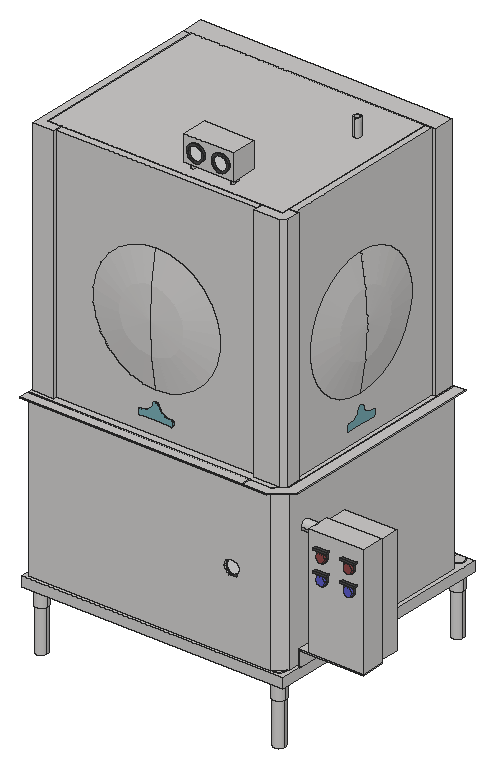
Revit family
Parameters
  Width = 3' - 0 3/4"
  Weight in Pounds = 0
  Watts = 10000 W
  Waste Water Discharge Temperature [instance] = -459.67 °F
  Volts = 208 V
  Ventilation Remarks [instance] = ""
  URL Cutsheet = ""
  URL = "www.stero.com"
  Status [instance] = ""
  Specification by User [instance] = ""
  Specification by Manufacturer = ""
  Serial Number [instance] = ""
  Seismic Rating [instance] = ""
  SMACNA No [instance] = ""
  Revision Code [instance] = ""
  Plumbing Remarks [instance] = ""
  Plumbing Connection Type [instance] = ""
  Phase = 3
  Number of Poles [instance] = 1
  NAFEM Spec ID Number [instance] = ""
  Model = "U-31AC"
  Masterspec = ""
  Manufacturer = "Stero"
  Item Number [instance] = "-"
  Installed By [instance] = ""
  Indirect Waste Size = 2"
  Indirect Waste Flow [instance] = 0 GPM
  Indirect Waste Connection Type [instance] = ""
  Indirect Waste Connection Height = 0' - 4 1/4"
  Hot Water Usage Rack = "0 Gal/Rack"
  Hot Water Usage = "70 GPH"
  Hot Water Temperature = 180 °F
  Hot Water Size = 3/4"
  Hot Water RI Height [instance] = 0' - 0"
  Hot Water Minimum Pressure = 20.00 psi
  Hot Water Maximum Pressure = 20.00 psi
  Hot Water Flow [instance] = 0 GPM
  Hot Water Consumption = 1.97 GPM
  Hot Water Connection Height = 5' - 11 1/2"
  HP = "3"
  Furnished By [instance] = ""
  Foodservice Equipment Identifier [instance] = yes
  FL Amps = 36.8 A
  Exhaust Volume [instance] = if(Exhaust Vent, 600 CFM, 0 CFM)  # 0 CFM
  Exhaust Vent Width = 0' - 7 7/8"
  Exhaust Vent Depth = 0' - 7 7/8"
  Exhaust Vent [instance] = no
  Exhaust Static Press = 0.00 in-wg
  Exhaust RI Height [instance] = 0' - 0"
  Electrical Remarks [instance] = ""
  Electric Connection Type [instance] = ""
  Elec Conn RI Height [instance] = 0' - 0"
  Elec Conn Connection Height = 2' - 0 3/4"
  Description = "Pot, Pan and Utensil Washer"
  Depth = 2' - 11"
  Cycle = 60 Hz
  Conn Conduit = yes
  Clearance Depth [instance] = 0' - 4 1/2"
  CSI MasterFormat = "11 48 13"
  Assembly Code = "E1090320"
  Apparent Power = if(Phase = 3, Volts * FL Amps * 1.73, Volts * FL Amps)  # 13242.1 VA
Reference planes (in)
  plane 1: z = 0
  plane 2 "Left of Top": x = 2.32772
  plane 3 "BACK": y = -48
  plane 4 "TOP": z = 100.5
  plane 5 "Right of Top": x = 39.07772
  plane 6 "FRONT": y = -83
  plane 7 "LEFT": x = 1.64022
  plane 8 "RIGHT": x = 39.76522
  plane 9 "Bottom of Machine": z = 8.5
  plane 10 "Table Height": z = 34
  plane 11 "Top of Machine": z = 69
  plane 12: z = 10
  plane 13 "Center": x = 20.70272
  plane 14 "Top of Opening": z = 61.5625
  plane 15: z = 6.25
  plane 16: x = 2.20272
  plane 17: x = 39.20272
  plane 18: x = 40.82772
  plane 19 "Front of Bottom": y = -82.5625
  plane 20: y = -65.5
  plane 21: y = -51
  plane 22 "Back of Top": y = -51.25
  plane 23 "Front of Top": y = -81.875
  plane 24: y = -80.375
  plane 25: y = -54.25
  plane 26: x = 37.57772
  plane 27: x = 38.57772
  plane 28 "Front of Panel": y = -79.25
  plane 29: y = -75.5
  plane 30: z = 69.75
  plane 31: z = 73.5
  plane 32: x = 22.32772
  plane 33: x = 29.57772
  plane 34: x = 9.82772
  plane 35: y = -62.3125
  plane 36: y = -54.4375
  plane 37: x = 17.70272
  plane 38: y = -43.5
  plane 39 "Front of Lower Panel": y = -79.9375
  plane 40: y = -76.625
  plane 41: z = 12.375
  plane 42: z = 28.625
  plane 43 "Right of Lower Panel": x = 49.07772
  plane 44 "Left of Lower Panel": x = 41.07772
  plane 45 "Back of Lower Panel": y = -73.5625
  plane 46: z = 28.375
  plane 47: z = 12.625
  plane 48: x = 48.82772
  plane 49: x = 41.32772
  plane 50: z = 21.5
  plane 51: x = 31.95272
  plane 52: z = 4.25
  plane 53: z = 71.5
  plane 54: y = -61
  plane 55: x = 33.07772
  plane 56: z = 24.75
  plane 57: x = 42.07772
Forms (in)
  Extrusion 1, solid, material "QF_Finishes_Stainless Steel"
    sketch origin (0, 0, 8.5) x (0, 1, 0) y (-1, 0, 0)
      loop
        line (-48, -1.64022) -> (-83, -1.64022) -> (-83, -39.76522) -> (-48, -39.76522) -> (-48, -1.64022)
    from 0 to 1.5
  Extrusion 2, solid, material "QF_Finishes_Stainless Steel"
    sketch origin (0, 0, 28.5) x (0, 1, 0) y (-1, 0, 0)
      loop
        line (-51, -2.20272) -> (-82.5625, -2.20272) -> (-82.5625, -37.70272) -> (-81.0625, -39.20272) -> (-51, -39.20272) -> (-51, -2.20272)
    from 5.5 to -18.5
  Extrusion 3, solid, material "QF_Finishes_Stainless Steel"
    sketch origin (0, 0, 34) x (0, 1, 0) y (-1, 0, 0)
      loop
        line (-51, -39.20272) -> (-81.0625, -39.20272) -> (-82.5625, -37.70272) -> (-82.5625, -2.20272) -> (-84.0625, -2.20272) -> (-84.0625, -38.32404) -> (-81.55882, -40.82772) -> (-51, -40.82772) -> (-51, -39.20272)
    from 0 to -0.125
  Extrusion 4, solid, material "QF_Finishes_Stainless Steel"
    sketch origin (0, 0, 69) x (0, 1, 0) y (-1, 0, 0)
      loop
        line (-54.25, -3.32772) -> (-80.375, -3.32772) -> (-80.375, -37.57772) -> (-54.25, -37.57772) -> (-54.25, -3.32772)
    from 0 to -7.4375
  Extrusion 5, solid, material "QF_Finishes_Stainless Steel"
    sketch origin (0, 0, 69) x (0, 1, 0) y (-1, 0, 0)
      loop
        line (-51.25, -2.32772) -> (-54.25, -2.32772) -> (-54.25, -39.07772) -> (-51.25, -39.07772) -> (-51.25, -2.32772)
    from 0 to -35
  Extrusion 6, solid, material "QF_Finishes_Stainless Steel"
    sketch origin (-31.85978, -79.82772, 69) x (-1, 0, 0) y (0, -1, 0)
      loop
        line (-69.4375, -0.57772) -> (-70.4375, -0.57772) -> (-70.4375, -25.57772) -> (-69.4375, -25.57772) -> (-69.4375, -0.57772)
    from 0 to -35
  Extrusion 7, solid, material "QF_Finishes_Stainless Steel"
    sketch origin (0, 0, 0) x (1, 0, 0) y (0, 1, 0)
      loop
        circle (3.32772, -49) r 0.8125
    from 0 to 6.25
  Extrusion 8, solid, material "QF_Finishes_Stainless Steel"
    sketch origin (0, 0, 0) x (1, 0, 0) y (0, 1, 0)
      loop
        circle (3.32772, -49) r 0.9375
    from 6.25 to 8.5
  Extrusion 9, solid, material "QF_Finishes_Stainless Steel"
    sketch origin (48.65544, 0, 0) x (-1, 0, 0) y (0, -1, 0)
      loop
        circle (10.57772, 49) r 0.8125
    from 0 to 6.25
  Extrusion 10, solid, material "QF_Finishes_Stainless Steel"
    sketch origin (48.65544, 0, 0) x (-1, 0, 0) y (0, -1, 0)
      loop
        circle (10.57772, 49) r 0.9375
    from 6.25 to 10
  Extrusion 11, solid, material "QF_Finishes_Stainless Steel"
    sketch origin (0, -121, 0) x (1, 0, 0) y (0, 1, 0)
      loop
        circle (3.32772, 39.4375) r 0.8125
    from 0 to 6.25
  Extrusion 12, solid, material "QF_Finishes_Stainless Steel"
    sketch origin (0, -121, 0) x (1, 0, 0) y (0, 1, 0)
      loop
        circle (3.32772, 39.4375) r 0.9375
    from 6.25 to 10
  Extrusion 13, solid, material "QF_Finishes_Stainless Steel"
    sketch origin (48.65544, -121, 0) x (-1, 0, 0) y (0, -1, 0)
      loop
        circle (10.57772, -39.4375) r 0.8125
    from 0 to 6.25
  Extrusion 14, solid, material "QF_Finishes_Stainless Steel"
    sketch origin (48.65544, -121, 0) x (-1, 0, 0) y (0, -1, 0)
      loop
        circle (10.57772, -39.4375) r 0.9375
    from 6.25 to 10
  Extrusion 15, solid, material "QF_Finishes_Stainless Steel"
    sketch origin (0, -17.25, 69) x (0, 1, 0) y (-1, 0, 0)
      loop
        line (-63.125, -3.32772) -> (-37, -3.32772) -> (-37, -2.32772) -> (-64.625, -2.32772) -> (-64.625, -5.32772) -> (-63.125, -5.32772) -> (-63.125, -3.32772)
    from 0 to -35
  Extrusion 16, solid, material "QF_Finishes_Clearance", detail levels coarse
    sketch origin (-31.85978, -79.82772, 100.5) x (-1, 0, 0) y (0, -1, 0)
      loop
        line (-69.4375, -0.57772) -> (-70.4375, -0.57772) -> (-70.4375, -25.57772) -> (-69.4375, -25.57772) -> (-69.4375, -0.57772)
    from 0 to -31.5
  Extrusion 17, solid, material "QF_Finishes_Stainless Steel"
    sketch origin (5.3125, -79.25, 0) x (1, 0, 0) y (0, 0, 1)
      loop
        line (17.01522, 73.5) -> (17.01522, 69.75) -> (24.26522, 69.75) -> (24.26522, 73.5) -> (17.01522, 73.5)
    from 0 to -3.75
  Extrusion 18, solid, material "QF_Finishes_Stainless Steel"
    sketch origin (5.3125, 1.875, 69) x (0, 1, 0) y (-1, 0, 0)
      loop
        circle (-79.625, -17.76522) r 0.25
      loop
        circle (-79.625, -23.51522) r 0.25
      loop
        circle (-80.375, -17.76522) r 0.25
      loop
        circle (-80.375, -23.51522) r 0.25
    from 0 to 0.75
  Extrusion 19, solid, material "QF_Finishes_Black"
    sketch origin (5.3125, -79.25, 0) x (1, 0, 0) y (0, 0, 1)
      loop
        circle (18.82183, 71.60797) r 1.25
      loop
        circle (18.82183, 71.60797) r 1
    from 0 to 0.25
  Extrusion 20, solid, material "QF_Finishes_White"
    sketch origin (5.3125, -79.25, 0) x (1, 0, 0) y (0, 0, 1)
      loop
        circle (18.82183, 71.60797) r 1
    from 0 to 0.0625
  Extrusion 21, solid, material "QF_Finishes_Black"
    sketch origin (8.9375, -79.25, 0) x (1, 0, 0) y (0, 0, 1)
      loop
        circle (18.82183, 71.60797) r 1.25
      loop
        circle (18.82183, 71.60797) r 1
    from 0 to 0.25
  Extrusion 22, solid, material "QF_Finishes_White"
    sketch origin (8.9375, -79.25, 0) x (1, 0, 0) y (0, 0, 1)
      loop
        circle (18.82183, 71.60797) r 1
    from 0 to 0.0625
  Extrusion 23, solid, material "QF_Finishes_Stainless Steel", visible <- "Exhaust Vent"
    sketch origin (0, 0, 69) x (0, 1, 0) y (-1, 0, 0)
      loop
        line (-54.4375, -9.82772) -> (-62.3125, -9.82772) -> (-62.3125, -17.70272) -> (-54.4375, -17.70272) -> (-54.4375, -9.82772)
      loop
        line (-62.1875, -9.95272) -> (-62.1875, -17.57772) -> (-54.5625, -17.57772) -> (-54.5625, -9.95272) -> (-62.1875, -9.95272)
    from 0 to 8
  Extrusion 24, solid, material "QF_Finishes_Clearance", detail levels coarse
    sketch origin (0, 0, 0) x (1, 0, 0) y (0, 1, 0)
      loop
        line (1.64022, -43.5) -> (1.64022, -48) -> (40.82772, -48) -> (40.82772, -43.5) -> (1.64022, -43.5)
    from 0 to 77
  Extrusion 25, solid, material "QF_Finishes_Stainless Steel"
    sketch origin (4.125, -79.9375, 0) x (-1, 0, 0) y (0, 0, 1)
      loop
        line (-35.64022, 10) -> (-35.51522, 10) -> (-35.51522, 12.375) -> (-44.95272, 12.375) -> (-44.95272, 12.25) -> (-35.64022, 12.25) -> (-35.64022, 10)
    from 0 to 3.3125
  Extrusion 26, solid, material "QF_Finishes_Stainless Steel"
    sketch origin (4.125, -79.9375, 0) x (-1, 0, 0) y (0, 0, 1)
      loop
        line (-36.95272, 28.625) -> (-44.95272, 28.625) -> (-44.95272, 12.375) -> (-36.95272, 12.375) -> (-36.95272, 28.625)
    from 0 to 3.3125
  Extrusion 27, solid, material "QF_Finishes_Black"
    sketch origin (18.25, -79.9375, -35.75) x (-1, 0, 0) y (0, 0, 1)
      loop
        line (-27.82772, 62.5) -> (-29.82772, 62.5) -> (-29.82772, 62.25) -> (-27.82772, 62.25) -> (-27.82772, 62.5)
    from 0 to -0.5
  Extrusion 28, solid, material "QF_Finishes_LED Red"
    sketch origin (23.25, -79.9375, -35.75) x (-1, 0, 0) y (0, 0, 1)
      loop
        circle (-19.82772, 61.375) r 0.625
    from -0.125 to -0.375
  Extrusion 29, solid, material "QF_Finishes_LED Red"
    sketch origin (27.25, -79.9375, -35.75) x (-1, 0, 0) y (0, 0, 1)
      loop
        circle (-19.82772, 61.375) r 0.625
    from -0.125 to -0.375
  Extrusion 30, solid, material "QF_Finishes_Black"
    sketch origin (18.25, -79.9375, -35.75) x (-1, 0, 0) y (0, 0, 1)
      loop
        arc (-29.57772, 61.375) -> (-28.82772, 60.625) -> (-28.07772, 61.375) r 0.75
        line (-28.07772, 61.375) -> (-28.07772, 62.25) -> (-29.57772, 62.25) -> (-29.57772, 61.375)
    from 0 to -0.125
  Extrusion 31, solid, material "QF_Finishes_Black"
    sketch origin (14.25, -79.9375, -35.75) x (-1, 0, 0) y (0, 0, 1)
      loop
        line (-27.82772, 62.5) -> (-29.82772, 62.5) -> (-29.82772, 62.25) -> (-27.82772, 62.25) -> (-27.82772, 62.5)
    from 0 to -0.5
  Extrusion 32, solid, material "QF_Finishes_Black"
    sketch origin (14.25, -79.9375, -35.75) x (-1, 0, 0) y (0, 0, 1)
      loop
        arc (-29.57772, 61.375) -> (-28.82772, 60.625) -> (-28.07772, 61.375) r 0.75
        line (-28.07772, 61.375) -> (-28.07772, 62.25) -> (-29.57772, 62.25) -> (-29.57772, 61.375)
    from 0 to -0.125
  Extrusion 33, solid, material "QF_Finishes_Black"
    sketch origin (18.25, -79.9375, -38.75) x (-1, 0, 0) y (0, 0, 1)
      loop
        line (-27.82772, 62.5) -> (-29.82772, 62.5) -> (-29.82772, 62.25) -> (-27.82772, 62.25) -> (-27.82772, 62.5)
    from 0 to -0.5
  Extrusion 34, solid, material "QF_Finishes_Navy Blue"
    sketch origin (23.25, -79.9375, -38.75) x (-1, 0, 0) y (0, 0, 1)
      loop
        circle (-19.82772, 61.375) r 0.625
    from -0.125 to -0.375
  Extrusion 35, solid, material "QF_Finishes_Navy Blue"
    sketch origin (27.25, -79.9375, -38.75) x (-1, 0, 0) y (0, 0, 1)
      loop
        circle (-19.82772, 61.375) r 0.625
    from -0.125 to -0.375
  Extrusion 36, solid, material "QF_Finishes_Black"
    sketch origin (18.25, -79.9375, -38.75) x (-1, 0, 0) y (0, 0, 1)
      loop
        arc (-29.57772, 61.375) -> (-28.82772, 60.625) -> (-28.07772, 61.375) r 0.75
        line (-28.07772, 61.375) -> (-28.07772, 62.25) -> (-29.57772, 62.25) -> (-29.57772, 61.375)
    from 0 to -0.125
  Extrusion 37, solid, material "QF_Finishes_Black"
    sketch origin (14.25, -79.9375, -38.75) x (-1, 0, 0) y (0, 0, 1)
      loop
        line (-27.82772, 62.5) -> (-29.82772, 62.5) -> (-29.82772, 62.25) -> (-27.82772, 62.25) -> (-27.82772, 62.5)
    from 0 to -0.5
  Extrusion 38, solid, material "QF_Finishes_Black"
    sketch origin (14.25, -79.9375, -38.75) x (-1, 0, 0) y (0, 0, 1)
      loop
        arc (-29.57772, 61.375) -> (-28.82772, 60.625) -> (-28.07772, 61.375) r 0.75
        line (-28.07772, 61.375) -> (-28.07772, 62.25) -> (-29.57772, 62.25) -> (-29.57772, 61.375)
    from 0 to -0.125
  Extrusion 39, solid, material "QF_Finishes_Stainless Steel"
    sketch origin (4.125, -79.9375, 0) x (-1, 0, 0) y (0, 0, 1)
      loop
        line (-37.20272, 28.375) -> (-44.70272, 28.375) -> (-44.70272, 12.625) -> (-37.20272, 12.625) -> (-37.20272, 28.375)
    from 3.3125 to 6.375
  Extrusion 40, solid, material "QF_Finishes_Stainless Steel"
    sketch origin (39.76522, 0, 0) x (0, -1, 0) y (0, 0, 1)
      loop
        circle (78.28125, 27.875) r 0.75
    from 0.5625 to -1.3125
  Extrusion 41, void
    sketch origin (0, -82.5625, 0) x (1, 0, 0) y (0, 0, 1)
      loop
        circle (31.95272, 21.5) r 1.125
    from 0 to -1
  Extrusion 42, solid, material "QF_Finishes_Black"
    sketch origin (0, -82.5625, 0) x (1, 0, 0) y (0, 0, 1)
      loop
        circle (31.95272, 21.5) r 1.125
      loop
        circle (31.95272, 21.5) r 0.9375
    from -0.25 to -0.5
  Extrusion 43, solid, material "QF_Finishes_White"
    sketch origin (0, -82.5625, 0) x (1, 0, 0) y (0, 0, 1)
      loop
        circle (31.95272, 21.5) r 0.9375
    from -0.25 to -0.5
  Extrusion 44, solid, material "QF_Finishes_Stainless Steel"
    sketch origin (0, 0, 0) x (1, 0, 0) y (0, 1, 0)
      loop
        circle (20.70272, -65.5) r 1
      loop
        circle (20.70272, -65.5) r 1.125
    from 4.25 to 8.5
  Extrusion 45, solid, material "QF_Finishes_Stainless Steel"
    sketch origin (0, 0, 69) x (0, 1, 0) y (-1, 0, 0)
      loop
        circle (-61, -33.07772) r 0.375
      loop
        circle (-61, -33.07772) r 0.5
    from 0 to 2.5
  Extrusion 46, solid, material "QF_Finishes_Stainless Steel"
    sketch origin (0, -73.5625, 0) x (-1, 0, 0) y (0, 0, 1)
      loop
        circle (-42.07772, 24.75) r 0.25
    from 0 to 0.0625
  Revolve 47, solid, material "QF_Finishes_Stainless Steel"
    sketch origin (-28.23478, -67.3125, -4.22611) x (-1, 0, 0) y (0, 0, 1)
      loop
        line (-66.8125, 53.5625) -> (-66.8125, 62.89889)
        arc (-66.8125, 62.89889) -> (-67.57581, 58.2589) -> (-67.8125, 53.5625) r 41.7501
        line (-67.8125, 53.5625) -> (-66.8125, 53.5625)
      axis (-66.8125, 53.5625) -> (-67.8125, 53.5625)
    angle from 0 to 360
  Extrusion 48, solid, material "QF_Finishes_Light Blue"
    sketch origin (39.07772, -81.63776, 5.5) x (0, -1, 0) y (0, 0, 1)
      loop
        line (-13.71645, 30.53132) -> (-12.08461, 30.44809)
        arc (-12.08461, 30.44809) -> (-11.90443, 30.52273) -> (-11.82979, 30.70292) r 0.25483
        line (-11.82979, 30.70292) -> (-11.82979, 31.18785)
        arc (-11.82979, 31.18785) -> (-11.90343, 31.36562) -> (-12.08121, 31.43926) r 0.25142
        arc (-12.08121, 31.43926) -> (-13.22593, 31.6553) -> (-13.90311, 32.60319) r 1.56264
        arc (-13.90311, 32.60319) -> (-14.31726, 32.93713) -> (-14.74741, 32.62407) r 0.43733
        arc (-14.74741, 32.62407) -> (-15.42049, 31.66111) -> (-16.57423, 31.43926) r 1.56264
        arc (-16.57423, 31.43926) -> (-16.75201, 31.36562) -> (-16.82565, 31.18785) r 0.25142
        line (-16.82565, 31.18785) -> (-16.82565, 30.70292)
        arc (-16.82565, 30.70292) -> (-16.75101, 30.52273) -> (-16.57082, 30.44809) r 0.25483
        line (-16.57082, 30.44809) -> (-14.93898, 30.53132)
        arc (-14.93898, 30.53132) -> (-14.32772, 30.54468) -> (-13.71645, 30.53132) r 13.99777
    from 0.5 to 0.4375
  Extrusion 49, solid, material "QF_Finishes_Clearance", detail levels coarse
    sketch origin (5.875, -10.9375, 100.5) x (0, 1, 0) y (-1, 0, 0)
      loop
        line (-69.4375, 0.54728) -> (-70.4375, 0.54728) -> (-70.4375, -28.70272) -> (-69.4375, -28.70272) -> (-69.4375, 0.54728)
    from 0 to -31.5
  Revolve 50, solid, material "QF_Finishes_Stainless Steel"
    sketch origin (19.95272, -14.5625, -4.22611) x (0, 1, 0) y (0, 0, 1)
      loop
        line (-66.8125, 53.5625) -> (-66.8125, 62.89889)
        arc (-66.8125, 62.89889) -> (-67.57581, 58.2589) -> (-67.8125, 53.5625) r 41.7501
        line (-67.8125, 53.5625) -> (-66.8125, 53.5625)
      axis (-66.8125, 53.5625) -> (-67.8125, 53.5625)
    angle from 0 to 360
  Extrusion 51, solid, material "QF_Finishes_Light Blue"
    sketch origin (5.62746, -81.875, 5.5) x (-1, 0, 0) y (0, 0, 1)
      loop
        line (-13.71645, 30.53132) -> (-12.08461, 30.44809)
        arc (-12.08461, 30.44809) -> (-11.90443, 30.52273) -> (-11.82979, 30.70292) r 0.25483
        line (-11.82979, 30.70292) -> (-11.82979, 31.18785)
        arc (-11.82979, 31.18785) -> (-11.90343, 31.36562) -> (-12.08121, 31.43926) r 0.25142
        arc (-12.08121, 31.43926) -> (-13.22593, 31.6553) -> (-13.90311, 32.60319) r 1.56264
        arc (-13.90311, 32.60319) -> (-14.31726, 32.93713) -> (-14.74741, 32.62407) r 0.43733
        arc (-14.74741, 32.62407) -> (-15.42049, 31.66111) -> (-16.57423, 31.43926) r 1.56264
        arc (-16.57423, 31.43926) -> (-16.75201, 31.36562) -> (-16.82565, 31.18785) r 0.25142
        line (-16.82565, 31.18785) -> (-16.82565, 30.70292)
        arc (-16.82565, 30.70292) -> (-16.75101, 30.52273) -> (-16.57082, 30.44809) r 0.25483
        line (-16.57082, 30.44809) -> (-14.93898, 30.53132)
        arc (-14.93898, 30.53132) -> (-14.32772, 30.54468) -> (-13.71645, 30.53132) r 13.99777
    from 0.5 to 0.4375
  Extrusion 52, solid, material "QF_Finishes_Stainless Steel"
    sketch origin (4.75, -10.9375, 69) x (0, 1, 0) y (-1, 0, 0)
      loop
        line (-69.4375, -0.57772) -> (-70.4375, -0.57772) -> (-70.4375, -29.82772) -> (-69.4375, -29.82772) -> (-69.4375, -0.57772)
    from 0 to -35
  Extrusion 53, solid, material "QF_Finishes_Stainless Steel"
    sketch origin (32.25, -17.25, 69) x (0, 1, 0) y (-1, 0, 0)
      loop
        line (-63.125, -2.32772) -> (-64.625, -2.32772) -> (-64.625, -6.14022) -> (-63.9375, -6.82772) -> (-62, -6.82772) -> (-62, -5.32772) -> (-63.125, -5.32772) -> (-63.125, -2.32772)
    from 0 to -35
  Extrusion 54, solid, material "QF_Finishes_Stainless Steel"
    sketch origin (-45.67228, -84.76522, 34) x (-1, 0, 0) y (0, -1, 0)
      loop
        line (-47.875, -2.20272) -> (-47.875, -0.70272) -> (-80.25, -0.70272) -> (-80.25, -2.20272) -> (-47.875, -2.20272)
    from 0 to -0.125
Cuts and joins
  Extrusion 41 cuts Extrusion 2
Lines and regions (in)
  symbolic lines
    curve 1: line (1.64022, -51, 69) -> (39.76522, -51, 69)
    curve 2: line (1.64022, -83, 69) -> (1.64022, -51, 69)
    curve 3: line (39.76522, -83, 69) -> (1.64022, -83, 69)
    curve 4: line (39.76522, -51, 69) -> (39.76522, -83, 69)
    curve 5: line (41.07772, -76.625, 69) -> (49.07772, -76.625, 69)
    curve 6: line (41.07772, -79.9375, 69) -> (41.07772, -76.625, 69)
    curve 7: line (49.07772, -79.9375, 69) -> (41.07772, -79.9375, 69)
    curve 8: line (49.07772, -76.625, 69) -> (49.07772, -79.9375, 69)
    curve 9: line (22.32772, -75.5, 69) -> (29.57772, -75.5, 69)
    curve 10: line (22.32772, -79.25, 69) -> (22.32772, -75.5, 69)
    curve 11: line (29.57772, -79.25, 69) -> (22.32772, -79.25, 69)
    curve 12: line (29.57772, -75.5, 69) -> (29.57772, -79.25, 69)
    curve 13: line (17.70272, -62.3125, 69) -> (9.82772, -62.3125, 69)
    curve 14: line (17.70272, -54.4375, 69) -> (17.70272, -62.3125, 69)
    curve 15: line (9.82772, -54.4375, 69) -> (17.70272, -54.4375, 69)
    curve 16: line (9.82772, -62.3125, 69) -> (9.82772, -54.4375, 69)
    curve 17: line (41.32772, -76.625, 69) -> (41.32772, -73.5625, 69)
    curve 18: line (41.32772, -73.5625, 69) -> (48.82772, -73.5625, 69)
    curve 19: line (48.82772, -73.5625, 69) -> (48.82772, -76.625, 69)
    curve 20: line (39.76522, -81.0625, 69) -> (40.82772, -81.0625, 69)
    curve 21: line (40.82772, -81.0625, 69) -> (40.82772, -51, 69)
    curve 22: line (40.82772, -51, 69) -> (39.76522, -51, 69)
    curve 23: line (41.07772, -77.09375, 69) -> (40.82772, -77.09375, 69)
    curve 24: line (41.07772, -80.09375, 69) -> (40.82772, -80.09375, 69)
    curve 25: line (39.76522, -51, 69) -> (39.76522, -48, 69)
    curve 26: line (39.76522, -48, 69) -> (1.64022, -48, 69)
    curve 27: line (1.64022, -48, 69) -> (1.64022, -51, 69)
    curve 31: line (40.82772, -81.0625, 69) -> (40.82772, -81.55882, 69)
    curve 32: line (40.82772, -81.55882, 69) -> (38.32404, -84.0625, 69)
    curve 33: line (38.32404, -84.0625, 69) -> (2.20272, -84.0625, 69)
    curve 34: line (2.20272, -84.0625, 69) -> (2.20272, -83, 69)
  symbolic lines, style "QF_Clearances", detail levels coarse
    curve 28: line (1.64022, -48, 69) -> (1.64022, -43.5, 69)
    curve 29: line (1.64022, -43.5, 69) -> (40.82772, -43.5, 69)
    curve 30: line (40.82772, -43.5, 69) -> (40.82772, -48, 69)
Dimensions and locks (in)
  "Width": plane 2 "Left of Top" to plane 5 "Right of Top"
  "Depth": plane 6 "FRONT" to plane 3 "BACK"
  locked: plane 9 "Bottom of Machine" to level at 8.5
  locked: plane 10 "Table Height" to level at 34
  plane 11 "Top of Machine" to level = 5' - 9"
  plane 4 "TOP" to level = 8' - 4 1/2"
  plane 12 to plane 9 "Bottom of Machine" = 0' - 1 1/2"
  equal spacing: plane 2 "Left of Top", plane 13 "Center", plane 5 "Right of Top"
  locked: plane 11 "Top of Machine" to plane 14 "Top of Opening" at 7.4375
  plane 15 to level = 0' - 6 1/4"
  plane 7 "LEFT" to plane 2 "Left of Top" = 0' - 0 11/16"
  plane 5 "Right of Top" to plane 8 "RIGHT" = 0' - 0 11/16"
  locked: plane 16 to plane 2 "Left of Top" at 0.125
  locked: plane 5 "Right of Top" to plane 17 at 0.125
  locked: plane 5 "Right of Top" to plane 18 at 1.75
  equal spacing: plane 6 "FRONT", plane 20, plane 3 "BACK"
  locked: plane 6 "FRONT" to plane 19 "Front of Bottom" at 0.4375
  plane 3 "BACK" to plane 21 = 0' - 3"
  plane 7 "LEFT" to plane 8 "RIGHT" = 3' - 2 1/8"
  locked: plane 21 to plane 22 "Back of Top" at 0.25
  plane 19 "Front of Bottom" to plane 23 "Front of Top" = 0' - 0 11/16"
  locked: plane 22 "Back of Top" to plane 25 at 3
  locked: plane 23 "Front of Top" to plane 24 at 1.5
  plane 26 to plane 5 "Right of Top" = 0' - 1 1/2"
  locked: plane 26 to plane 27 at 1
  locked: plane 28 "Front of Panel" to plane 29 at 3.75
  locked: plane 30 to plane 11 "Top of Machine" at 0.75
  locked: plane 31 to plane 30 at 3.75
  locked: plane 32 to plane 33 at 7.25
  locked: plane 35 to plane 36 at 7.875
  locked: plane 34 to plane 37 at 7.875
  "Clearance Depth": plane 38 to plane 3 "BACK"
  plane 39 "Front of Lower Panel" to plane 6 "FRONT" = 0' - 3 1/16"
  locked: plane 40 to plane 39 "Front of Lower Panel" at 3.3125
  locked: plane 41 to plane 12 at 2.375
  locked: plane 42 to plane 41 at 16.25
  locked: plane 8 "RIGHT" to plane 44 "Left of Lower Panel" at 1.3125
  locked: plane 44 "Left of Lower Panel" to plane 43 "Right of Lower Panel" at 8
  locked: plane 45 "Back of Lower Panel" to plane 40 at 3.0625
  locked: plane 42 to plane 46 at 0.25
  locked: plane 47 to plane 41 at 0.25
  locked: plane 44 "Left of Lower Panel" to plane 49 at 0.25
  locked: plane 48 to plane 43 "Right of Lower Panel" at 0.25
  locked: plane 39 "Front of Lower Panel" to Extrusion 40 sketch curve at 1.65625
  locked: plane 42 to Extrusion 40 sketch curve at 0.75
  locked: plane 50 to level at 21.5
  locked: plane 51 to plane 8 "RIGHT" at 7.8125
  locked: plane 52 to level at 4.25
  plane 53 to plane 11 "Top of Machine" = 0' - 2 1/2"
  locked: plane 56 to level at 24.75
  locked: plane 5 "Right of Top" to plane 57 at 3
  locked: plane 2 "Left of Top" to plane 34 at 7.5
  locked: plane 2 "Left of Top" to plane 32 at 20
  locked: plane 6 "FRONT" to plane 28 "Front of Panel" at 3.75
  locked: plane 21 to plane 54 at 10
  locked: plane 55 to plane 5 "Right of Top" at 6
  aligned and locked: level to plane 1
  aligned and locked: Extrusion 1 to plane 9 "Bottom of Machine"
  aligned and locked: plane 12 to Extrusion 1
  aligned and locked: Extrusion 2 to plane 12
  aligned and locked: plane 2 "Left of Top" to Extrusion 5 sketch curve
  aligned and locked: Extrusion 5 sketch curve to plane 5 "Right of Top"
  aligned and locked: Extrusion 5 to plane 10 "Table Height"
  aligned: Extrusion 4 to plane 14 "Top of Opening"
  aligned and locked: plane 6 "FRONT" to Extrusion 1 sketch curve
  aligned and locked: plane 15 to Extrusion 7
  aligned and locked: Extrusion 8 to plane 15
  aligned and locked: plane 9 "Bottom of Machine" to Extrusion 8
  aligned and locked: plane 7 "LEFT" to Extrusion 1 sketch curve
  aligned and locked: plane 8 "RIGHT" to Extrusion 1 sketch curve
  aligned and locked: Extrusion 10 to plane 15
  aligned and locked: plane 15 to Extrusion 9
  aligned and locked: Extrusion 12 to plane 15
  aligned and locked: plane 15 to Extrusion 11
  aligned and locked: plane 15 to Extrusion 13
  aligned and locked: Extrusion 14 to plane 15
  aligned and locked: plane 16 to Extrusion 2 sketch curve
  aligned and locked: plane 17 to Extrusion 2 sketch curve
  aligned and locked: plane 10 "Table Height" to Extrusion 2
  aligned and locked: plane 18 to Extrusion 3 sketch curve
  aligned and locked: Extrusion 3 sketch curve to plane 17
  aligned and locked: plane 3 "BACK" to Extrusion 1 sketch curve
  aligned and locked: Extrusion 2 sketch curve to plane 21
  aligned and locked: Extrusion 2 sketch curve to plane 19 "Front of Bottom"
  aligned and locked: Extrusion 3 sketch curve to plane 21
  aligned and locked: plane 25 to Extrusion 5 sketch curve
  aligned and locked: Extrusion 5 sketch curve to plane 22 "Back of Top"
  aligned and locked: Extrusion 15 sketch curve to plane 23 "Front of Top"
  aligned and locked: plane 24 to Extrusion 15 sketch curve
  aligned and locked: plane 2 "Left of Top" to Extrusion 15 sketch curve
  aligned and locked: Extrusion 15 to plane 10 "Table Height"
  aligned and locked: Extrusion 4 sketch curve to plane 25
  aligned and locked: Extrusion 4 sketch curve to plane 24
  aligned and locked: Extrusion 6 to plane 10 "Table Height"
  aligned and locked: plane 11 "Top of Machine" to Extrusion 6
  aligned and locked: Extrusion 6 sketch curve to plane 25
  aligned and locked: plane 26 to Extrusion 6 sketch curve
  aligned and locked: Extrusion 4 sketch curve to plane 26
  aligned and locked: Extrusion 6 sketch curve to plane 27
  aligned and locked: Extrusion 17 sketch curve to plane 31
  aligned and locked: plane 32 to Extrusion 17 sketch curve
  aligned and locked: plane 30 to Extrusion 17 sketch curve
  aligned and locked: Extrusion 17 sketch curve to plane 33
  aligned and locked: Extrusion 17 to plane 29
  aligned and locked: plane 30 to Extrusion 18
  aligned and locked: Extrusion 20 sketch curve to Extrusion 19  (x2)
  aligned and locked: Extrusion 22 sketch curve to Extrusion 21  (x2)
  aligned and locked: plane 36 to Extrusion 23 sketch curve
  aligned and locked: plane 37 to Extrusion 23 sketch curve
  aligned and locked: Extrusion 23 sketch curve to plane 35
  aligned and locked: plane 34 to Extrusion 23 sketch curve
  aligned and locked: Extrusion 24 sketch curve to plane 38
  aligned and locked: Extrusion 24 sketch curve to plane 3 "BACK"
  aligned and locked: plane 18 to Extrusion 24 sketch curve
  aligned: plane 4 "TOP" to Extrusion 24
  aligned and locked: Extrusion 25 sketch curve to plane 8 "RIGHT"
  aligned and locked: Extrusion 25 sketch curve to plane 41
  aligned and locked: Extrusion 25 sketch curve to plane 12
  aligned and locked: plane 43 "Right of Lower Panel" to Extrusion 25 sketch curve
  aligned and locked: plane 40 to Extrusion 25
  aligned and locked: plane 43 "Right of Lower Panel" to Extrusion 26 sketch curve
  aligned and locked: plane 41 to Extrusion 26 sketch curve
  aligned and locked: Extrusion 26 sketch curve to plane 44 "Left of Lower Panel"
  aligned and locked: Extrusion 26 sketch curve to plane 42
  aligned and locked: plane 40 to Extrusion 26
  aligned and locked: Extrusion 39 sketch curve to plane 46
  aligned and locked: plane 48 to Extrusion 39 sketch curve
  aligned and locked: Extrusion 39 sketch curve to plane 49
  aligned and locked: plane 47 to Extrusion 39 sketch curve
  aligned and locked: Extrusion 39 to plane 40
  aligned and locked: plane 45 "Back of Lower Panel" to Extrusion 39
  aligned and locked: Extrusion 40 to plane 44 "Left of Lower Panel"
  aligned and locked: Extrusion 43 sketch curve to Extrusion 42  (x2)
  aligned and locked: Extrusion 44 to plane 52
  aligned and locked: plane 9 "Bottom of Machine" to Extrusion 44
  aligned and locked: plane 53 to Extrusion 45
Automatic sketch dimensions
  plane 24 to Extrusion 2 sketch curve = 0' - 0 11/16"
  plane 26 to Extrusion 2 sketch curve = 0' - 0 1/8"
  plane 28 "Front of Panel" to Extrusion 6 sketch curve = 0' - 0"
  plane 2 "Left of Top" to Extrusion 7 sketch curve = 0' - 1"
  plane 3 "BACK" to Extrusion 7 sketch curve = 0' - 1"
  plane 2 "Left of Top" to Extrusion 8 sketch curve = 0' - 1"
  plane 3 "BACK" to Extrusion 8 sketch curve = 0' - 1"
  Extrusion 9 sketch curve to plane 26 = 0' - 0 1/2"
  Extrusion 9 sketch curve to plane 3 "BACK" = 0' - 1"
  Extrusion 10 sketch curve to plane 26 = 0' - 0 1/2"
  Extrusion 10 sketch curve to plane 3 "BACK" = 0' - 1"
  plane 23 "Front of Top" to Extrusion 11 sketch curve = 0' - 0 5/16"
  Extrusion 11 sketch curve to plane 2 "Left of Top" = 0' - 1"
  plane 23 "Front of Top" to Extrusion 12 sketch curve = 0' - 0 5/16"
  Extrusion 12 sketch curve to plane 2 "Left of Top" = 0' - 1"
  plane 26 to Extrusion 13 sketch curve = 0' - 0 1/2"
  Extrusion 13 sketch curve to plane 23 "Front of Top" = 0' - 0 5/16"
  plane 26 to Extrusion 14 sketch curve = 0' - 0 1/2"
  Extrusion 14 sketch curve to plane 23 "Front of Top" = 0' - 0 5/16"
  Extrusion 16 sketch curve to plane 24 = 0' - 1 1/8"
  Extrusion 16 sketch curve to plane 27 = 0' - 0"
  Extrusion 16 sketch curve to plane 26 = 0' - 0"
  Extrusion 16 sketch curve to plane 25 = 0' - 0"
  Extrusion 18 sketch curve to plane 28 "Front of Panel" = 0' - 0 3/4"  (x2)
  Extrusion 18 sketch curve to Extrusion 18 sketch curve = 0' - 0 3/4"  (x2)
  Extrusion 18 sketch curve to plane 33 = 0' - 0 3/4"
  Extrusion 18 sketch curve to Extrusion 18 sketch curve = 0' - 0"  (x2)
  plane 32 to Extrusion 18 sketch curve = 0' - 0 3/4"
  Extrusion 19 sketch curve to Extrusion 19 sketch curve = 0' - 0"  (x2)
  plane 53 to Extrusion 19 sketch curve = 0' - 0.10797"
  plane 32 to Extrusion 19 sketch curve = 0' - 1.80661"
  Extrusion 21 sketch curve to Extrusion 21 sketch curve = 0' - 0"  (x2)
  plane 53 to Extrusion 21 sketch curve = 0' - 0.10797"
  Extrusion 21 sketch curve to plane 33 = 0' - 1.81839"
  Extrusion 23 sketch curve to plane 35 = 0' - 0 1/8"
  plane 36 to Extrusion 23 sketch curve = 0' - 0 1/8"
  plane 37 to Extrusion 23 sketch curve = 0' - 0 1/8"
  plane 34 to Extrusion 23 sketch curve = 0' - 0 1/8"
  plane 8 "RIGHT" to Extrusion 25 sketch curve = 0' - 0 1/8"
  Extrusion 25 sketch curve to Extrusion 25 sketch curve = 0' - 0 1/8"
  plane 48 to Extrusion 27 sketch curve = 0' - 0 3/4"
  Extrusion 27 sketch curve to Extrusion 27 sketch curve = 0' - 2"
  plane 56 to Extrusion 27 sketch curve = 0' - 1 3/4"
  Extrusion 27 sketch curve to Extrusion 27 sketch curve = 0' - 0 1/4"
  Extrusion 28 sketch curve to plane 57 = 0' - 1"
  plane 56 to Extrusion 28 sketch curve = 0' - 0 7/8"
  plane 48 to Extrusion 29 sketch curve = 0' - 1 3/4"
  plane 56 to Extrusion 29 sketch curve = 0' - 0 7/8"
  plane 48 to Extrusion 30 sketch curve = 0' - 1"
  Extrusion 30 sketch curve to Extrusion 30 sketch curve = 0' - 0 3/4"
  plane 56 to Extrusion 30 sketch curve = 0' - 0 7/8"
  Extrusion 30 sketch curve to Extrusion 30 sketch curve = 0' - 0 7/8"
  plane 57 to Extrusion 31 sketch curve = 0' - 0"
  Extrusion 31 sketch curve to plane 57 = 0' - 2"
  plane 56 to Extrusion 31 sketch curve = 0' - 1 3/4"
  Extrusion 31 sketch curve to Extrusion 31 sketch curve = 0' - 0 1/4"
  Extrusion 32 sketch curve to plane 57 = 0' - 1 3/4"
  Extrusion 32 sketch curve to Extrusion 32 sketch curve = 0' - 0 3/4"
  plane 56 to Extrusion 32 sketch curve = 0' - 0 7/8"
  Extrusion 32 sketch curve to Extrusion 32 sketch curve = 0' - 0 7/8"
  plane 48 to Extrusion 33 sketch curve = 0' - 0 3/4"
  Extrusion 33 sketch curve to Extrusion 33 sketch curve = 0' - 2"
  Extrusion 33 sketch curve to plane 56 = 0' - 1 1/4"
  Extrusion 33 sketch curve to Extrusion 33 sketch curve = 0' - 0 1/4"
  Extrusion 34 sketch curve to plane 57 = 0' - 1"
  plane 50 to Extrusion 34 sketch curve = 0' - 1 1/8"
  plane 48 to Extrusion 35 sketch curve = 0' - 1 3/4"
  plane 50 to Extrusion 35 sketch curve = 0' - 1 1/8"
  plane 48 to Extrusion 36 sketch curve = 0' - 1"
  Extrusion 36 sketch curve to Extrusion 36 sketch curve = 0' - 0 3/4"
  plane 50 to Extrusion 36 sketch curve = 0' - 1 1/8"
  Extrusion 36 sketch curve to Extrusion 36 sketch curve = 0' - 0 7/8"
  plane 57 to Extrusion 37 sketch curve = 0' - 0"
  Extrusion 37 sketch curve to plane 57 = 0' - 2"
  Extrusion 37 sketch curve to plane 56 = 0' - 1 1/4"
  Extrusion 37 sketch curve to Extrusion 37 sketch curve = 0' - 0 1/4"
  Extrusion 38 sketch curve to plane 57 = 0' - 1 3/4"
  Extrusion 38 sketch curve to Extrusion 38 sketch curve = 0' - 0 3/4"
  plane 50 to Extrusion 38 sketch curve = 0' - 1 1/8"
  Extrusion 38 sketch curve to Extrusion 38 sketch curve = 0' - 0 7/8"
  Extrusion 41 sketch curve to plane 50 = 0' - 0"
  plane 51 to Extrusion 41 sketch curve = 0' - 0"
  Extrusion 42 sketch curve to Extrusion 42 sketch curve = 0' - 0"  (x2)
  Extrusion 42 sketch curve to plane 50 = 0' - 0"
  plane 51 to Extrusion 42 sketch curve = 0' - 0"
  Extrusion 44 sketch curve to Extrusion 44 sketch curve = 0' - 0"  (x2)
  Extrusion 44 sketch curve to plane 13 "Center" = 0' - 0"
  Extrusion 44 sketch curve to plane 20 = 0' - 0"
  Extrusion 45 sketch curve to Extrusion 45 sketch curve = 0' - 0"  (x2)
  plane 54 to Extrusion 45 sketch curve = 0' - 0"
  Extrusion 45 sketch curve to plane 55 = 0' - 0"
  Extrusion 46 sketch curve to plane 56 = 0' - 0"
  plane 57 to Extrusion 46 sketch curve = 0' - 0"
  Revolve 47 sketch curve to plane 27 = 0' - 0"
  plane 8 "RIGHT" to Revolve 47 sketch curve = 0' - 0 3/16"
  plane 48 to Revolve 47 sketch curve = 0' - 0 1/16"
  plane 51 to Revolve 47 sketch curve = 0' - 0 1/8"
  Revolve 47 sketch curve to plane 14 "Top of Opening" = 1' - 0.22611"
  Revolve 47 sketch curve to Revolve 47 sketch curve = 0' - 0"
  Revolve 47 sketch curve to plane 14 "Top of Opening" = 0' - 11.97605"
  plane 20 to Extrusion 48 sketch curve = 0' - 0.68789"
  Extrusion 48 sketch curve to Extrusion 48 sketch curve = 0' - 0.25142"  (x2)
  Extrusion 48 sketch curve to Extrusion 48 sketch curve = 0' - 0.25483"
  plane 20 to Extrusion 48 sketch curve = 0' - 0.13303"
  Extrusion 48 sketch curve to plane 20 = 0' - 1.19877"
  Extrusion 48 sketch curve to plane 20 = 0' - 1.39035"
  Extrusion 48 sketch curve to Extrusion 48 sketch curve = 0' - 0.41934"
  plane 50 to Extrusion 48 sketch curve = 0' - 0.5469"
  Extrusion 48 sketch curve to plane 20 = 0' - 1.81004"
  Extrusion 48 sketch curve to Extrusion 48 sketch curve = 0' - 0.42496"
  Extrusion 48 sketch curve to Extrusion 48 sketch curve = 0' - 0"
  Extrusion 48 sketch curve to Extrusion 48 sketch curve = 0' - 1.22253"
  Extrusion 48 sketch curve to Extrusion 48 sketch curve = 0' - 1.51845"
  Extrusion 48 sketch curve to Extrusion 48 sketch curve = 0' - 1.63184"
  Extrusion 48 sketch curve to Extrusion 48 sketch curve = 0' - 0.00341"
  plane 10 "Table Height" to Extrusion 48 sketch curve = 0' - 1.94809"  (x2)
  Extrusion 48 sketch curve to Extrusion 48 sketch curve = 0' - 0.08323"
  Extrusion 48 sketch curve to Extrusion 48 sketch curve = 0' - 0.48493"  (x2)
  Extrusion 48 sketch curve to Extrusion 48 sketch curve = 0' - 1.96861"
  plane 24 to Extrusion 49 sketch curve = 0' - 0"
  Extrusion 49 sketch curve to plane 23 "Front of Top" = 0' - 0 1/2"
  Extrusion 49 sketch curve to plane 51 = 0' - 2 5/8"
  plane 2 "Left of Top" to Extrusion 49 sketch curve = 0' - 3"
  Revolve 50 sketch curve to plane 6 "FRONT" = 0' - 8 9/16"
  Revolve 50 sketch curve to plane 19 "Front of Bottom" = 0' - 0 3/16"
  Revolve 50 sketch curve to plane 23 "Front of Top" = 0' - 0 1/2"
  Revolve 50 sketch curve to plane 29 = 0' - 0 7/8"
  plane 38 to Revolve 50 sketch curve = 0' - 2.87435"
  Revolve 50 sketch curve to plane 14 "Top of Opening" = 1' - 0.22611"
  Revolve 50 sketch curve to Revolve 50 sketch curve = 0' - 0"
  Revolve 50 sketch curve to plane 14 "Top of Opening" = 0' - 11.97605"
  plane 32 to Extrusion 51 sketch curve = 0' - 0.12539"
  Extrusion 51 sketch curve to plane 32 = 0' - 0.12603"
  Extrusion 51 sketch curve to plane 32 = 0' - 0.12944"
  Extrusion 51 sketch curve to plane 32 = 0' - 0.42947"
  Extrusion 51 sketch curve to plane 13 "Center" = 0' - 0.13627"
  Extrusion 51 sketch curve to plane 13 "Center" = 0' - 0.32785"
  Extrusion 51 sketch curve to Extrusion 51 sketch curve = 0' - 0.41934"
  Extrusion 51 sketch curve to plane 13 "Center" = 0' - 0.74754"
  Extrusion 51 sketch curve to Extrusion 51 sketch curve = 0' - 0.42496"
  Extrusion 51 sketch curve to Extrusion 51 sketch curve = 0' - 0"
  Extrusion 51 sketch curve to Extrusion 51 sketch curve = 0' - 1.22253"
  Extrusion 51 sketch curve to plane 37 = 0' - 0.3094"
  Extrusion 51 sketch curve to plane 37 = 0' - 0.00936"
  Extrusion 51 sketch curve to plane 37 = 0' - 0.00595"
  plane 37 to Extrusion 51 sketch curve = 0' - 0.24547"
  plane 50 to Extrusion 51 sketch curve = 0' - 0.5469"
  plane 10 "Table Height" to Extrusion 51 sketch curve = 0' - 1.94809"  (x2)
  Extrusion 51 sketch curve to Extrusion 51 sketch curve = 0' - 0.08323"
  Extrusion 51 sketch curve to Extrusion 51 sketch curve = 0' - 0.48493"  (x2)
  Extrusion 51 sketch curve to Extrusion 51 sketch curve = 0' - 1.96861"
  plane 24 to Extrusion 52 sketch curve = 0' - 0"
  Extrusion 52 sketch curve to plane 23 "Front of Top" = 0' - 0 1/2"
  Extrusion 52 sketch curve to plane 51 = 0' - 2 5/8"
  plane 2 "Left of Top" to Extrusion 52 sketch curve = 0' - 3"
  plane 23 "Front of Top" to Extrusion 53 sketch curve = 0' - 0"
  Extrusion 53 sketch curve to plane 5 "Right of Top" = 0' - 0"
  plane 24 to Extrusion 53 sketch curve = 0' - 0"
  plane 28 "Front of Panel" to Extrusion 53 sketch curve = 0' - 0"
  Extrusion 53 sketch curve to plane 26 = 0' - 0"
  Extrusion 53 sketch curve to plane 23 "Front of Top" = 0' - 0 11/16"
  Extrusion 53 sketch curve to plane 27 = 0' - 0 3/16"
  Extrusion 53 sketch curve to plane 51 = 0' - 2 5/8"
  Extrusion 54 sketch curve to plane 37 = 1' - 4 7/8"
  plane 6 "FRONT" to Extrusion 54 sketch curve = 0' - 0 7/16"
  Extrusion 54 sketch curve to Extrusion 54 sketch curve = 0' - 1 1/2"
  Extrusion 24 sketch curve to plane 7 "LEFT" = 0' - 0"
  Revolve 47 sketch curve to plane 7 "LEFT" = 0' - 3.81185"
  Extrusion 54 sketch curve to plane 16 = 0' - 0"
  Extrusion 3 sketch curve to plane 16 = 0' - 0"
  plane 19 "Front of Bottom" to Extrusion 3 sketch curve = 0' - 0"
  Extrusion 3 sketch curve to plane 6 "FRONT" = 0' - 1 1/16"
  Extrusion 3 sketch curve to plane 23 "Front of Top" = 0' - 0.31618"
  plane 24 to Extrusion 3 sketch curve = 0' - 0 11/16"
  Extrusion 3 sketch curve to plane 27 = 0' - 0.25368"
  plane 26 to Extrusion 3 sketch curve = 0' - 0 1/8"
  Extrusion 15 sketch curve to plane 25 = 0' - 0"
  plane 2 "Left of Top" to Extrusion 15 sketch curve = 0' - 1"
  Extrusion 15 sketch curve to Extrusion 15 sketch curve = 0' - 2"
  plane 2 "Left of Top" to Extrusion 4 sketch curve = 0' - 1"
  curve 33 to plane 16 = 0' - 0"
  curve 34 to plane 6 "FRONT" = 0' - 0"
  curve 31 to plane 18 = 0' - 0"
  curve 20 to plane 8 "RIGHT" = 0' - 0"
  curve 24 to plane 44 "Left of Lower Panel" = 0' - 0"
  curve 8 to plane 39 "Front of Lower Panel" = 0' - 0"
  plane 28 "Front of Panel" to curve 11 = 0' - 0"
  curve 5 to plane 40 = 0' - 0"
  plane 29 to curve 9 = 0' - 0"
  curve 18 to plane 45 "Back of Lower Panel" = 0' - 0"
  curve 13 to plane 34 = 0' - 0"
  plane 35 to curve 13 = 0' - 0"
  plane 36 to curve 16 = 0' - 0"
  curve 2 to plane 7 "LEFT" = 0' - 0"
  curve 2 to plane 21 = 0' - 0"
  plane 3 "BACK" to curve 27 = 0' - 0"
  plane 3 "BACK" to curve 30 = 0' - 0"
  curve 29 to plane 38 = 0' - 0"
  curve 8 to plane 43 "Right of Lower Panel" = 0' - 0"
  curve 19 to plane 48 = 0' - 0"
  curve 17 to plane 49 = 0' - 0"
  curve 30 to plane 18 = 0' - 0"
  curve 11 to plane 33 = 0' - 0"
  curve 10 to plane 32 = 0' - 0"
  curve 14 to plane 37 = 0' - 0"
  curve 32 to plane 27 = 0' - 0.25368"
  curve 32 to plane 6 "FRONT" = 0' - 1 1/16"
  curve 31 to plane 23 "Front of Top" = 0' - 0.31618"
  curve 31 to curve 31 = 0' - 0.49632"
  curve 24 to plane 39 "Front of Lower Panel" = 0' - 0 5/32"
  curve 23 to plane 40 = 0' - 0 15/32"
  radius of Extrusion 7 sketch curve = 0' - 0 13/16"
  radius of Extrusion 8 sketch curve = 0' - 0 15/16"
  radius of Extrusion 9 sketch curve = 0' - 0 13/16"
  radius of Extrusion 10 sketch curve = 0' - 0 15/16"
  radius of Extrusion 11 sketch curve = 0' - 0 13/16"
  radius of Extrusion 12 sketch curve = 0' - 0 15/16"
  radius of Extrusion 13 sketch curve = 0' - 0 13/16"
  radius of Extrusion 14 sketch curve = 0' - 0 15/16"
  radius of Extrusion 18 sketch curve = 0' - 0 1/4"  (x4)
  radius of Extrusion 19 sketch curve = 0' - 1 1/4"
  radius of Extrusion 19 sketch curve = 0' - 1"
  radius of Extrusion 21 sketch curve = 0' - 1 1/4"
  radius of Extrusion 21 sketch curve = 0' - 1"
  radius of Extrusion 28 sketch curve = 0' - 0 5/8"
  radius of Extrusion 29 sketch curve = 0' - 0 5/8"
  radius of Extrusion 34 sketch curve = 0' - 0 5/8"
  radius of Extrusion 35 sketch curve = 0' - 0 5/8"
  radius of Extrusion 40 sketch curve = 0' - 0 3/4"
  radius of Extrusion 41 sketch curve = 0' - 1 1/8"
  radius of Extrusion 42 sketch curve = 0' - 1 1/8"
  radius of Extrusion 42 sketch curve = 0' - 0 15/16"
  radius of Extrusion 44 sketch curve = 0' - 1"
  radius of Extrusion 44 sketch curve = 0' - 1 1/8"
  radius of Extrusion 45 sketch curve = 0' - 0 3/8"
  radius of Extrusion 45 sketch curve = 0' - 0 1/2"
  radius of Extrusion 46 sketch curve = 0' - 0 1/4"
Connectors (in)
  hvac at (13.76522, -58.375, 77), driven by "Exhaust Volume", driven by "Exhaust Vent Depth", driven by "Exhaust Vent Width"
    settings: on Extrusion 23, index 1, duct flow 0 CFM, flow factor 0, pres drop 0.00 in-wg, loss coef 0, conn angle 0.00°, conn width 7 7/8", conn height 7 7/8", conn radius 12", duct sys type 3, conn prof type 1, flow config 1, flow direction 2, loss method 0, conn ref index -1, conn util no, is conn primary yes, conn desc "Exhaust"
  piping at (20.70272, -65.5, 4.25), driven by "Indirect Waste Flow"
    settings: on Extrusion 44, index 2, connector radius 1", flow factor 0, pipe flow 0 GPM, pressure drop 0.00 psi, fitting loss kfactor 0, connector angle 0.00°, fixture units 0, flow configuration 1, flow direction 2, fitting loss method 0, system type 16, connector reference index -1, connector utility 0, adjustable connector no, is connector primary yes, fitting loss table "", connector description "Indirect Waste"
  electrical at (42.07772, -73.5, 24.75), driven by "Number of Poles", driven by "Volts", driven by "Apparent Power"
    settings: on Extrusion 46, index 3, voltage 208 V, apparent load 13242.1 VA, apparent load phase1 0 VA, apparent load phase2 0 VA, apparent load phase3 0 VA, power factor 1, load classification "Other", number of poles 1, system type 30, power factor state 1, is connector primary yes, connector utility no, sub classification motor no, connector description "Electric"
  piping at (33.07772, -61, 71.5), driven by "Hot Water Flow"
    settings: on Extrusion 45, index 4, connector radius 3/8", flow factor 0, pipe flow 0 GPM, pressure drop 0.00 psi, fitting loss kfactor 0, connector angle 0.00°, fixture units 0, flow configuration 1, flow direction 1, fitting loss method 0, system type 19, connector reference index -1, connector utility 0, adjustable connector no, is connector primary no, fitting loss table "", connector description "Hot Water"
